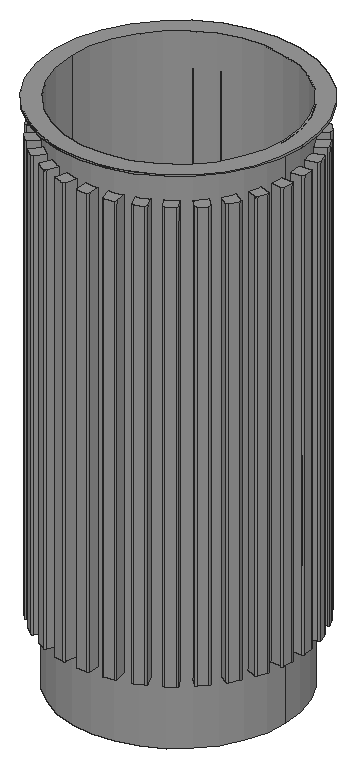
Revit family "Урна парковая «Краков круглая» Арт 12315", category Антураж, Revit 2018
Family settings
  На основе рабочей плоскости = Нет
  Всегда вертикально = Да
  При загрузке вырезать с полостями = Нет
  Источник визуального образа = Геометрия семейства
  Общий = Нет
  Точка расчета площади = Нет
Parameters (values of type "Урна парковая «Краков круглая»")
  Ширина = Диаметр  # 395 mm
  Цвет урны = Сталь
  Цвет отделки = Дерево
  Описание = "Урна парковая «Краков круглая»"  # constant formula
  Материал изделия = "Сталь, дерево"  # constant formula
  Изображение типоразмера = Урна парковая «Краков круглая» Арт 12315.jpg
  Изготовитель = "ООО «Хоббика»"  # constant formula
  Длина = Диаметр  # 395 mm
  Диаметр = 395 mm  # constant formula
  Группа модели = "Уличные урны"  # constant formula
  Высота = 835 mm  # constant formula
  Артикул товара = "Арт. 12315"  # constant formula
  URL = "https://hobbyka.ru/product/urna_parkovaya_krakov_kruglaya/"
Reference planes
  plane 1 "По центру (Вперед/Назад)": y = 0
  plane 2: z = 0
  plane 3 "По центру (Влево/Вправо)": x = 0
  plane 4: x = 395
  plane 5: y = 395
  plane 6: z = 835
Forms (mm)
  Extrusion 1, solid, material "Сталь" <- "Цвет урны"
    sketch origin (0, 0, 0) x (1, 0, 0) y (0, 1, 0)
      loop
        circle (197.5, 197.5) r 172.5
    from 0 to 835
  Extrusion 2, void
    sketch origin (0, 0, 0) x (1, 0, 0) y (0, 1, 0)
      loop
        circle (197.5, 197.5) r 171
    from 1.5 to 835
  Extrusion 3, solid, material "Сталь" <- "Цвет урны"
    sketch origin (0, 0, 0) x (1, 0, 0) y (0, 1, 0)
      loop
        circle (197.5, 197.5) r 197.5
      loop
        circle (197.5, 197.5) r 172.5
    from 833 to 835
  Extrusion 4, solid, material "Дерево" <- "Цвет отделки"
    sketch origin (0, 0, 0) x (1, 0, 0) y (0, 1, 0)
      loop
        arc (190, 390) -> (188.232, 389.268) -> (187.5, 387.5) r 2.5
        line (187.5, 387.5) -> (187.5, 370) -> (207.5, 370) -> (207.5, 387.5)
        arc (207.5, 387.5) -> (206.768, 389.268) -> (205, 390) r 2.5
        line (205, 390) -> (190, 390)
    from 100 to 785
  Extrusion 5, solid, material "Дерево" <- "Цвет отделки"
    sketch origin (45.378, -36.747, 0) x (0.978148, 0.207912, 0) y (-0.207912, 0.978148, 0)
      loop
        arc (190, 390) -> (188.232, 389.268) -> (187.5, 387.5) r 2.5
        line (187.5, 387.5) -> (187.5, 370) -> (207.5, 370) -> (207.5, 387.5)
        arc (207.5, 387.5) -> (206.768, 389.268) -> (205, 390) r 2.5
        line (205, 390) -> (190, 390)
    from 100 to 785
  Extrusion 6, solid, material "Дерево" <- "Цвет отделки"
    sketch origin (-36.747, 45.378, 0) x (0.978148, -0.207912, 0) y (0.207912, 0.978148, 0)
      loop
        arc (190, 390) -> (188.232, 389.268) -> (187.5, 387.5) r 2.5
        line (187.5, 387.5) -> (187.5, 370) -> (207.5, 370) -> (207.5, 387.5)
        arc (207.5, 387.5) -> (206.768, 389.268) -> (205, 390) r 2.5
        line (205, 390) -> (190, 390)
    from 100 to 785
  Extrusion 7, solid, material "Дерево" <- "Цвет отделки"
    sketch origin (-63.256, 97.405, 0) x (0.913545, -0.406737, 0) y (0.406737, 0.913545, 0)
      loop
        arc (190, 390) -> (188.232, 389.268) -> (187.5, 387.5) r 2.5
        line (187.5, 387.5) -> (187.5, 370) -> (207.5, 370) -> (207.5, 387.5)
        arc (207.5, 387.5) -> (206.768, 389.268) -> (205, 390) r 2.5
        line (205, 390) -> (190, 390)
    from 100 to 785
  Extrusion 8, solid, material "Дерево" <- "Цвет отделки"
    sketch origin (-78.368, 153.807, 0) x (0.809017, -0.587785, 0) y (0.587785, 0.809017, 0)
      loop
        arc (190, 390) -> (188.232, 389.268) -> (187.5, 387.5) r 2.5
        line (187.5, 387.5) -> (187.5, 370) -> (207.5, 370) -> (207.5, 387.5)
        arc (207.5, 387.5) -> (206.768, 389.268) -> (205, 390) r 2.5
        line (205, 390) -> (190, 390)
    from 100 to 785
  Extrusion 9, solid, material "Дерево" <- "Цвет отделки"
    sketch origin (-81.424, 212.118, 0) x (0.669131, -0.743145, 0) y (0.743145, 0.669131, 0)
      loop
        arc (190, 390) -> (188.232, 389.268) -> (187.5, 387.5) r 2.5
        line (187.5, 387.5) -> (187.5, 370) -> (207.5, 370) -> (207.5, 387.5)
        arc (207.5, 387.5) -> (206.768, 389.268) -> (205, 390) r 2.5
        line (205, 390) -> (190, 390)
    from 100 to 785
  Extrusion 10, solid, material "Дерево" <- "Цвет отделки"
    sketch origin (-72.29, 269.79, 0) x (0.5, -0.866025, 0) y (0.866025, 0.5, 0)
      loop
        arc (190, 390) -> (188.232, 389.268) -> (187.5, 387.5) r 2.5
        line (187.5, 387.5) -> (187.5, 370) -> (207.5, 370) -> (207.5, 387.5)
        arc (207.5, 387.5) -> (206.768, 389.268) -> (205, 390) r 2.5
        line (205, 390) -> (190, 390)
    from 100 to 785
  Extrusion 11, solid, material "Дерево" <- "Цвет отделки"
    sketch origin (-51.365, 324.303, 0) x (0.309017, -0.951057, 0) y (0.951057, 0.309017, 0)
      loop
        arc (190, 390) -> (188.232, 389.268) -> (187.5, 387.5) r 2.5
        line (187.5, 387.5) -> (187.5, 370) -> (207.5, 370) -> (207.5, 387.5)
        arc (207.5, 387.5) -> (206.768, 389.268) -> (205, 390) r 2.5
        line (205, 390) -> (190, 390)
    from 100 to 785
  Extrusion 12, solid, material "Дерево" <- "Цвет отделки"
    sketch origin (-19.562, 373.274, 0) x (0.104528, -0.994522, 0) y (0.994522, 0.104528, 0)
      loop
        arc (190, 390) -> (188.232, 389.268) -> (187.5, 387.5) r 2.5
        line (187.5, 387.5) -> (187.5, 370) -> (207.5, 370) -> (207.5, 387.5)
        arc (207.5, 387.5) -> (206.768, 389.268) -> (205, 390) r 2.5
        line (205, 390) -> (190, 390)
    from 100 to 785
  Extrusion 13, solid, material "Дерево" <- "Цвет отделки"
    sketch origin (21.726, 414.562, 0) x (-0.104528, -0.994522, 0) y (0.994522, -0.104528, 0)
      loop
        arc (190, 390) -> (188.232, 389.268) -> (187.5, 387.5) r 2.5
        line (187.5, 387.5) -> (187.5, 370) -> (207.5, 370) -> (207.5, 387.5)
        arc (207.5, 387.5) -> (206.768, 389.268) -> (205, 390) r 2.5
        line (205, 390) -> (190, 390)
    from 100 to 785
  Extrusion 14, solid, material "Дерево" <- "Цвет отделки"
    sketch origin (70.697, 446.365, 0) x (-0.309017, -0.951057, 0) y (0.951057, -0.309017, 0)
      loop
        arc (190, 390) -> (188.232, 389.268) -> (187.5, 387.5) r 2.5
        line (187.5, 387.5) -> (187.5, 370) -> (207.5, 370) -> (207.5, 387.5)
        arc (207.5, 387.5) -> (206.768, 389.268) -> (205, 390) r 2.5
        line (205, 390) -> (190, 390)
    from 100 to 785
  Extrusion 15, solid, material "Дерево" <- "Цвет отделки"
    sketch origin (125.21, 467.29, 0) x (-0.5, -0.866025, 0) y (0.866025, -0.5, 0)
      loop
        arc (190, 390) -> (188.232, 389.268) -> (187.5, 387.5) r 2.5
        line (187.5, 387.5) -> (187.5, 370) -> (207.5, 370) -> (207.5, 387.5)
        arc (207.5, 387.5) -> (206.768, 389.268) -> (205, 390) r 2.5
        line (205, 390) -> (190, 390)
    from 100 to 785
  Extrusion 16, solid, material "Дерево" <- "Цвет отделки"
    sketch origin (182.882, 476.424, 0) x (-0.669131, -0.743145, 0) y (0.743145, -0.669131, 0)
      loop
        arc (190, 390) -> (188.232, 389.268) -> (187.5, 387.5) r 2.5
        line (187.5, 387.5) -> (187.5, 370) -> (207.5, 370) -> (207.5, 387.5)
        arc (207.5, 387.5) -> (206.768, 389.268) -> (205, 390) r 2.5
        line (205, 390) -> (190, 390)
    from 100 to 785
  Extrusion 17, solid, material "Дерево" <- "Цвет отделки"
    sketch origin (241.193, 473.368, 0) x (-0.809017, -0.587785, 0) y (0.587785, -0.809017, 0)
      loop
        arc (190, 390) -> (188.232, 389.268) -> (187.5, 387.5) r 2.5
        line (187.5, 387.5) -> (187.5, 370) -> (207.5, 370) -> (207.5, 387.5)
        arc (207.5, 387.5) -> (206.768, 389.268) -> (205, 390) r 2.5
        line (205, 390) -> (190, 390)
    from 100 to 785
  Extrusion 18, solid, material "Дерево" <- "Цвет отделки"
    sketch origin (297.595, 458.256, 0) x (-0.913545, -0.406737, 0) y (0.406737, -0.913545, 0)
      loop
        arc (190, 390) -> (188.232, 389.268) -> (187.5, 387.5) r 2.5
        line (187.5, 387.5) -> (187.5, 370) -> (207.5, 370) -> (207.5, 387.5)
        arc (207.5, 387.5) -> (206.768, 389.268) -> (205, 390) r 2.5
        line (205, 390) -> (190, 390)
    from 100 to 785
  Extrusion 19, solid, material "Дерево" <- "Цвет отделки"
    sketch origin (349.622, 431.747, 0) x (-0.978148, -0.207912, 0) y (0.207912, -0.978148, 0)
      loop
        arc (190, 390) -> (188.232, 389.268) -> (187.5, 387.5) r 2.5
        line (187.5, 387.5) -> (187.5, 370) -> (207.5, 370) -> (207.5, 387.5)
        arc (207.5, 387.5) -> (206.768, 389.268) -> (205, 390) r 2.5
        line (205, 390) -> (190, 390)
    from 100 to 785
  Extrusion 20, solid, material "Дерево" <- "Цвет отделки"
    sketch origin (395, 395, 0) x (-1, 0, 0) y (0, -1, 0)
      loop
        arc (190, 390) -> (188.232, 389.268) -> (187.5, 387.5) r 2.5
        line (187.5, 387.5) -> (187.5, 370) -> (207.5, 370) -> (207.5, 387.5)
        arc (207.5, 387.5) -> (206.768, 389.268) -> (205, 390) r 2.5
        line (205, 390) -> (190, 390)
    from 100 to 785
  Extrusion 21, solid, material "Дерево" <- "Цвет отделки"
    sketch origin (431.747, 349.622, 0) x (-0.978148, 0.207912, 0) y (-0.207912, -0.978148, 0)
      loop
        arc (190, 390) -> (188.232, 389.268) -> (187.5, 387.5) r 2.5
        line (187.5, 387.5) -> (187.5, 370) -> (207.5, 370) -> (207.5, 387.5)
        arc (207.5, 387.5) -> (206.768, 389.268) -> (205, 390) r 2.5
        line (205, 390) -> (190, 390)
    from 100 to 785
  Extrusion 22, solid, material "Дерево" <- "Цвет отделки"
    sketch origin (458.256, 297.595, 0) x (-0.913545, 0.406737, 0) y (-0.406737, -0.913545, 0)
      loop
        arc (190, 390) -> (188.232, 389.268) -> (187.5, 387.5) r 2.5
        line (187.5, 387.5) -> (187.5, 370) -> (207.5, 370) -> (207.5, 387.5)
        arc (207.5, 387.5) -> (206.768, 389.268) -> (205, 390) r 2.5
        line (205, 390) -> (190, 390)
    from 100 to 785
  Extrusion 23, solid, material "Дерево" <- "Цвет отделки"
    sketch origin (473.368, 241.193, 0) x (-0.809017, 0.587785, 0) y (-0.587785, -0.809017, 0)
      loop
        arc (190, 390) -> (188.232, 389.268) -> (187.5, 387.5) r 2.5
        line (187.5, 387.5) -> (187.5, 370) -> (207.5, 370) -> (207.5, 387.5)
        arc (207.5, 387.5) -> (206.768, 389.268) -> (205, 390) r 2.5
        line (205, 390) -> (190, 390)
    from 100 to 785
  Extrusion 24, solid, material "Дерево" <- "Цвет отделки"
    sketch origin (476.424, 182.882, 0) x (-0.669131, 0.743145, 0) y (-0.743145, -0.669131, 0)
      loop
        arc (190, 390) -> (188.232, 389.268) -> (187.5, 387.5) r 2.5
        line (187.5, 387.5) -> (187.5, 370) -> (207.5, 370) -> (207.5, 387.5)
        arc (207.5, 387.5) -> (206.768, 389.268) -> (205, 390) r 2.5
        line (205, 390) -> (190, 390)
    from 100 to 785
  Extrusion 25, solid, material "Дерево" <- "Цвет отделки"
    sketch origin (467.29, 125.21, 0) x (-0.5, 0.866025, 0) y (-0.866025, -0.5, 0)
      loop
        arc (190, 390) -> (188.232, 389.268) -> (187.5, 387.5) r 2.5
        line (187.5, 387.5) -> (187.5, 370) -> (207.5, 370) -> (207.5, 387.5)
        arc (207.5, 387.5) -> (206.768, 389.268) -> (205, 390) r 2.5
        line (205, 390) -> (190, 390)
    from 100 to 785
  Extrusion 26, solid, material "Дерево" <- "Цвет отделки"
    sketch origin (446.365, 70.697, 0) x (-0.309017, 0.951057, 0) y (-0.951057, -0.309017, 0)
      loop
        arc (190, 390) -> (188.232, 389.268) -> (187.5, 387.5) r 2.5
        line (187.5, 387.5) -> (187.5, 370) -> (207.5, 370) -> (207.5, 387.5)
        arc (207.5, 387.5) -> (206.768, 389.268) -> (205, 390) r 2.5
        line (205, 390) -> (190, 390)
    from 100 to 785
  Extrusion 27, solid, material "Дерево" <- "Цвет отделки"
    sketch origin (414.562, 21.726, 0) x (-0.104528, 0.994522, 0) y (-0.994522, -0.104528, 0)
      loop
        arc (190, 390) -> (188.232, 389.268) -> (187.5, 387.5) r 2.5
        line (187.5, 387.5) -> (187.5, 370) -> (207.5, 370) -> (207.5, 387.5)
        arc (207.5, 387.5) -> (206.768, 389.268) -> (205, 390) r 2.5
        line (205, 390) -> (190, 390)
    from 100 to 785
  Extrusion 28, solid, material "Дерево" <- "Цвет отделки"
    sketch origin (373.274, -19.562, 0) x (0.104528, 0.994522, 0) y (-0.994522, 0.104528, 0)
      loop
        arc (190, 390) -> (188.232, 389.268) -> (187.5, 387.5) r 2.5
        line (187.5, 387.5) -> (187.5, 370) -> (207.5, 370) -> (207.5, 387.5)
        arc (207.5, 387.5) -> (206.768, 389.268) -> (205, 390) r 2.5
        line (205, 390) -> (190, 390)
    from 100 to 785
  Extrusion 29, solid, material "Дерево" <- "Цвет отделки"
    sketch origin (324.303, -51.365, 0) x (0.309017, 0.951057, 0) y (-0.951057, 0.309017, 0)
      loop
        arc (190, 390) -> (188.232, 389.268) -> (187.5, 387.5) r 2.5
        line (187.5, 387.5) -> (187.5, 370) -> (207.5, 370) -> (207.5, 387.5)
        arc (207.5, 387.5) -> (206.768, 389.268) -> (205, 390) r 2.5
        line (205, 390) -> (190, 390)
    from 100 to 785
  Extrusion 30, solid, material "Дерево" <- "Цвет отделки"
    sketch origin (269.79, -72.29, 0) x (0.5, 0.866025, 0) y (-0.866025, 0.5, 0)
      loop
        arc (190, 390) -> (188.232, 389.268) -> (187.5, 387.5) r 2.5
        line (187.5, 387.5) -> (187.5, 370) -> (207.5, 370) -> (207.5, 387.5)
        arc (207.5, 387.5) -> (206.768, 389.268) -> (205, 390) r 2.5
        line (205, 390) -> (190, 390)
    from 100 to 785
  Extrusion 31, solid, material "Дерево" <- "Цвет отделки"
    sketch origin (212.118, -81.424, 0) x (0.669131, 0.743145, 0) y (-0.743145, 0.669131, 0)
      loop
        arc (190, 390) -> (188.232, 389.268) -> (187.5, 387.5) r 2.5
        line (187.5, 387.5) -> (187.5, 370) -> (207.5, 370) -> (207.5, 387.5)
        arc (207.5, 387.5) -> (206.768, 389.268) -> (205, 390) r 2.5
        line (205, 390) -> (190, 390)
    from 100 to 785
  Extrusion 32, solid, material "Дерево" <- "Цвет отделки"
    sketch origin (153.807, -78.368, 0) x (0.809017, 0.587785, 0) y (-0.587785, 0.809017, 0)
      loop
        arc (190, 390) -> (188.232, 389.268) -> (187.5, 387.5) r 2.5
        line (187.5, 387.5) -> (187.5, 370) -> (207.5, 370) -> (207.5, 387.5)
        arc (207.5, 387.5) -> (206.768, 389.268) -> (205, 390) r 2.5
        line (205, 390) -> (190, 390)
    from 100 to 785
  Extrusion 33, solid, material "Дерево" <- "Цвет отделки"
    sketch origin (97.405, -63.256, 0) x (0.913545, 0.406737, 0) y (-0.406737, 0.913545, 0)
      loop
        arc (190, 390) -> (188.232, 389.268) -> (187.5, 387.5) r 2.5
        line (187.5, 387.5) -> (187.5, 370) -> (207.5, 370) -> (207.5, 387.5)
        arc (207.5, 387.5) -> (206.768, 389.268) -> (205, 390) r 2.5
        line (205, 390) -> (190, 390)
    from 100 to 785
Cuts and joins
  Extrusion 2 cuts Extrusion 1
  joined: Extrusion 1, Extrusion 3
Lines and regions (mm)
  reference lines
    curve 1: circle (197.5, 197.5, 0) r 197.5 normal (0, 0, 1)
Dimensions and locks
  "Длина": plane 4 to plane 3 "По центру (Влево/Вправо)"
  "Ширина": plane 5 to plane 1 "По центру (Вперед/Назад)"
  "Высота": plane 6 to plane 2
  "Диаметр": diameter of curve 1
  aligned and locked: level to plane 2
Automatic sketch dimensions
  plane 3 "По центру (Влево/Вправо)" to curve 1 = 197.5 mm
  curve 1 to plane 1 "По центру (Вперед/Назад)" = 197.5 mm
  Extrusion 2 sketch curve to Extrusion 2 sketch curve = 0 mm  (x2)
  plane 3 "По центру (Влево/Вправо)" to Extrusion 2 sketch curve = 197.5 mm
  Extrusion 2 sketch curve to plane 1 "По центру (Вперед/Назад)" = 197.5 mm
  plane 3 "По центру (Влево/Вправо)" to Extrusion 2 sketch curve = 26.5 mm
  plane 3 "По центру (Влево/Вправо)" to Extrusion 3 sketch curve = 197.5 mm
  Extrusion 3 sketch curve to plane 1 "По центру (Вперед/Назад)" = 197.5 mm
  Extrusion 3 sketch curve to Extrusion 3 sketch curve = 0 mm  (x2)
  plane 3 "По центру (Влево/Вправо)" to Extrusion 3 sketch curve = 25 mm
  Extrusion 4 sketch curve to Extrusion 4 sketch curve = 2.5 mm  (x2)
  Extrusion 4 sketch curve to Extrusion 4 sketch curve = 15 mm
  Extrusion 4 sketch curve to Extrusion 4 sketch curve = 17.5 mm
  Extrusion 5 sketch curve to Extrusion 5 sketch curve = 2.5 mm  (x2)
  Extrusion 5 sketch curve to Extrusion 5 sketch curve = 15 mm
  Extrusion 5 sketch curve to Extrusion 5 sketch curve = 17.5 mm
  Extrusion 6 sketch curve to Extrusion 6 sketch curve = 2.5 mm  (x2)
  Extrusion 6 sketch curve to Extrusion 6 sketch curve = 15 mm
  Extrusion 6 sketch curve to Extrusion 6 sketch curve = 17.5 mm
  Extrusion 7 sketch curve to Extrusion 7 sketch curve = 2.5 mm  (x2)
  Extrusion 7 sketch curve to Extrusion 7 sketch curve = 15 mm
  Extrusion 7 sketch curve to Extrusion 7 sketch curve = 17.5 mm
  Extrusion 8 sketch curve to Extrusion 8 sketch curve = 2.5 mm  (x2)
  Extrusion 8 sketch curve to Extrusion 8 sketch curve = 15 mm
  Extrusion 8 sketch curve to Extrusion 8 sketch curve = 17.5 mm
  Extrusion 9 sketch curve to Extrusion 9 sketch curve = 2.5 mm  (x2)
  Extrusion 9 sketch curve to Extrusion 9 sketch curve = 15 mm
  Extrusion 9 sketch curve to Extrusion 9 sketch curve = 17.5 mm
  Extrusion 10 sketch curve to Extrusion 10 sketch curve = 2.5 mm  (x2)
  Extrusion 10 sketch curve to Extrusion 10 sketch curve = 15 mm
  Extrusion 10 sketch curve to Extrusion 10 sketch curve = 17.5 mm
  Extrusion 11 sketch curve to Extrusion 11 sketch curve = 2.5 mm  (x2)
  Extrusion 11 sketch curve to Extrusion 11 sketch curve = 15 mm
  Extrusion 11 sketch curve to Extrusion 11 sketch curve = 17.5 mm
  Extrusion 12 sketch curve to Extrusion 12 sketch curve = 2.5 mm  (x2)
  Extrusion 12 sketch curve to Extrusion 12 sketch curve = 15 mm
  Extrusion 12 sketch curve to Extrusion 12 sketch curve = 17.5 mm
  Extrusion 13 sketch curve to Extrusion 13 sketch curve = 2.5 mm  (x2)
  Extrusion 13 sketch curve to Extrusion 13 sketch curve = 15 mm
  Extrusion 13 sketch curve to Extrusion 13 sketch curve = 17.5 mm
  Extrusion 14 sketch curve to Extrusion 14 sketch curve = 2.5 mm  (x2)
  Extrusion 14 sketch curve to Extrusion 14 sketch curve = 15 mm
  Extrusion 14 sketch curve to Extrusion 14 sketch curve = 17.5 mm
  Extrusion 15 sketch curve to Extrusion 15 sketch curve = 2.5 mm  (x2)
  Extrusion 15 sketch curve to Extrusion 15 sketch curve = 15 mm
  Extrusion 15 sketch curve to Extrusion 15 sketch curve = 17.5 mm
  Extrusion 16 sketch curve to Extrusion 16 sketch curve = 2.5 mm  (x2)
  Extrusion 16 sketch curve to Extrusion 16 sketch curve = 15 mm
  Extrusion 16 sketch curve to Extrusion 16 sketch curve = 17.5 mm
  Extrusion 17 sketch curve to Extrusion 17 sketch curve = 2.5 mm  (x2)
  Extrusion 17 sketch curve to Extrusion 17 sketch curve = 15 mm
  Extrusion 17 sketch curve to Extrusion 17 sketch curve = 17.5 mm
  Extrusion 18 sketch curve to Extrusion 18 sketch curve = 2.5 mm  (x2)
  Extrusion 18 sketch curve to Extrusion 18 sketch curve = 15 mm
  Extrusion 18 sketch curve to Extrusion 18 sketch curve = 17.5 mm
  Extrusion 19 sketch curve to Extrusion 19 sketch curve = 2.5 mm  (x2)
  Extrusion 19 sketch curve to Extrusion 19 sketch curve = 15 mm
  Extrusion 19 sketch curve to Extrusion 19 sketch curve = 17.5 mm
  Extrusion 20 sketch curve to Extrusion 20 sketch curve = 2.5 mm  (x2)
  Extrusion 20 sketch curve to Extrusion 20 sketch curve = 15 mm
  Extrusion 20 sketch curve to Extrusion 20 sketch curve = 17.5 mm
  Extrusion 21 sketch curve to Extrusion 21 sketch curve = 2.5 mm  (x2)
  Extrusion 21 sketch curve to Extrusion 21 sketch curve = 15 mm
  Extrusion 21 sketch curve to Extrusion 21 sketch curve = 17.5 mm
  Extrusion 22 sketch curve to Extrusion 22 sketch curve = 2.5 mm  (x2)
  Extrusion 22 sketch curve to Extrusion 22 sketch curve = 15 mm
  Extrusion 22 sketch curve to Extrusion 22 sketch curve = 17.5 mm
  Extrusion 23 sketch curve to Extrusion 23 sketch curve = 2.5 mm  (x2)
  Extrusion 23 sketch curve to Extrusion 23 sketch curve = 15 mm
  Extrusion 23 sketch curve to Extrusion 23 sketch curve = 17.5 mm
  Extrusion 24 sketch curve to Extrusion 24 sketch curve = 2.5 mm  (x2)
  Extrusion 24 sketch curve to Extrusion 24 sketch curve = 15 mm
  Extrusion 24 sketch curve to Extrusion 24 sketch curve = 17.5 mm
  Extrusion 25 sketch curve to Extrusion 25 sketch curve = 2.5 mm  (x2)
  Extrusion 25 sketch curve to Extrusion 25 sketch curve = 15 mm
  Extrusion 25 sketch curve to Extrusion 25 sketch curve = 17.5 mm
  Extrusion 26 sketch curve to Extrusion 26 sketch curve = 2.5 mm  (x2)
  Extrusion 26 sketch curve to Extrusion 26 sketch curve = 15 mm
  Extrusion 26 sketch curve to Extrusion 26 sketch curve = 17.5 mm
  Extrusion 27 sketch curve to Extrusion 27 sketch curve = 2.5 mm  (x2)
  Extrusion 27 sketch curve to Extrusion 27 sketch curve = 15 mm
  Extrusion 27 sketch curve to Extrusion 27 sketch curve = 17.5 mm
  Extrusion 28 sketch curve to Extrusion 28 sketch curve = 2.5 mm  (x2)
  Extrusion 28 sketch curve to Extrusion 28 sketch curve = 15 mm
  Extrusion 28 sketch curve to Extrusion 28 sketch curve = 17.5 mm
  Extrusion 29 sketch curve to Extrusion 29 sketch curve = 2.5 mm  (x2)
  Extrusion 29 sketch curve to Extrusion 29 sketch curve = 15 mm
  Extrusion 29 sketch curve to Extrusion 29 sketch curve = 17.5 mm
  Extrusion 30 sketch curve to Extrusion 30 sketch curve = 2.5 mm  (x2)
  Extrusion 30 sketch curve to Extrusion 30 sketch curve = 15 mm
  Extrusion 30 sketch curve to Extrusion 30 sketch curve = 17.5 mm
  Extrusion 31 sketch curve to Extrusion 31 sketch curve = 2.5 mm  (x2)
  Extrusion 31 sketch curve to Extrusion 31 sketch curve = 15 mm
  Extrusion 31 sketch curve to Extrusion 31 sketch curve = 17.5 mm
  Extrusion 32 sketch curve to Extrusion 32 sketch curve = 2.5 mm  (x2)
  Extrusion 32 sketch curve to Extrusion 32 sketch curve = 15 mm
  Extrusion 32 sketch curve to Extrusion 32 sketch curve = 17.5 mm
  Extrusion 33 sketch curve to Extrusion 33 sketch curve = 2.5 mm  (x2)
  Extrusion 33 sketch curve to Extrusion 33 sketch curve = 15 mm
  Extrusion 33 sketch curve to Extrusion 33 sketch curve = 17.5 mm
  radius of Extrusion 3 sketch curve = 197.5 mm
